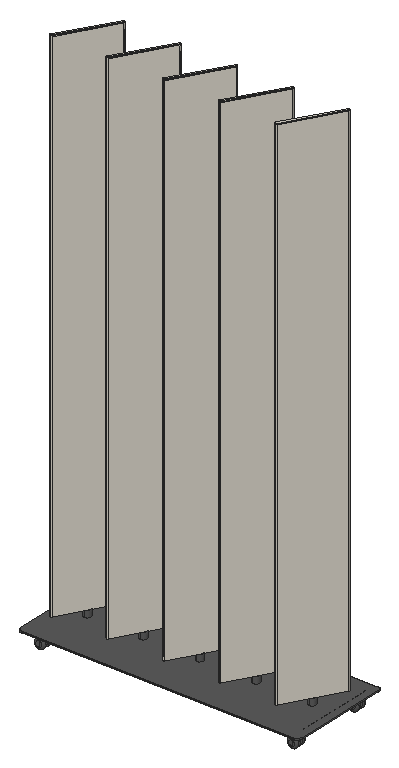
Revit family "Haworth_BuzziBlinds_ClassicScreen_StraightBase", category Furniture, Revit 2018
Family settings
  OmniClass Number = 23.40.20.00
  OmniClass Title = General Furniture and Specialties
  Work Plane-Based = No
  Always vertical = Yes
  Cut with Voids When Loaded = No
  Shared = No
  Room Calculation Point = No
Parameters (values of type "HCBZ-BDC3-RC - Large Screen - With Casters")
  Upholstery Finish [instance] = Haworth _ Fabric _ Buzzifelt _ Offwhite BFE-63
  Warranty = "http://www.haworth.com/resources/product-info/warranties"
  URL - Product = "https://www.haworth.com/products/architectural-interiors/acoustic-solutions/buzziblinds"
  URL = "http://www.haworth.com/our-brands/haworth-collection"
  Small = not(or(Medium, Large))  # no
  Size = "Verify Final Dim. w/ Haworth"  # constant formula
  Screen Spacing = 7.874"  # constant formula
  Revision = "1"  # constant formula
  Model = "HCBZ-BD"  # constant formula
  Medium = no
  Manufacturer = "Haworth"  # constant formula
  Large = yes
  Description = "Haworth BuzziBlinds - Large Classic Screen - With Casters"
  Casters = yes
  Base Finish [instance] = Haworth _ Paint _ Collection Black
  Author = "Haworth (Alias)"  # constant formula
  Assembly Code = "E2020200"
  Actual Width = 39.370"  # constant formula
  Actual Height = if(Small, 45.280", if(Medium, 59.060", 72.830"))  # 72.830"
  Actual Depth = 14.750"  # constant formula
Types (7): name | Small | Medium | Large | Description | Casters | Actual Height
  (no name) | no | no | yes | "Haworth BuzziBlinds - Large Classic Screen - With Casters" | yes | 72.830"
  HCBZ-BDC1-R - Small Screen - Without Casters | yes | no | no | "Haworth BuzziBlinds - Small Classic Screen - Without Casters" | no | 45.280"
  HCBZ-BDC1-RC - Small Screen - With Casters | yes | no | no | "Haworth BuzziBlinds - Small Classic Screen - With Casters" | yes | 45.280"
  HCBZ-BDC2-RC - Medium Screen - With Casters | no | yes | no | "Haworth BuzziBlinds - Medium Classic Screen - With Casters" | yes | 59.060"
  HCBZ-BDC2-R - Medium Screen - Without Casters | no | yes | no | "Haworth BuzziBlinds - Medium Classic Screen - Without Casters" | no | 59.060"
  HCBZ-BDC3-RC - Large Screen - With Casters | no | no | yes | "Haworth BuzziBlinds - Large Classic Screen - With Casters" | yes | 72.830"
  HCBZ-BDC3-R - Large Screen - Without Casters | no | no | yes | "Haworth BuzziBlinds - Large Classic Screen - Without Casters" | no | 72.830"
Reference planes (in)
  plane 1: z = 0
  plane 2 "Center Left/Right": x = 0
  plane 3 "Left": x = -19.685
  plane 4 "Right": x = 19.685
  plane 5 "Back": y = 4.53748
  plane 6 "Front": y = -10.21252
  plane 7 "Center F/B": y = -2.83752
  plane 8: x = 7.874
  plane 9: x = 15.748
  plane 10: x = -7.874
  plane 11: x = -15.748
Dimensions and locks (in)
  equal spacing: plane 3 "Left", plane 2 "Center Left/Right", plane 4 "Right"
  "Actual Width": plane 3 "Left" to plane 4 "Right"
  "Actual Depth": plane 6 "Front" to plane 5 "Back"
  equal spacing: plane 5 "Back", plane 7 "Center F/B", plane 6 "Front"
  "Screen Spacing": plane 11 to plane 10
  "Screen Spacing": plane 10 to plane 2 "Center Left/Right"
  "Screen Spacing": plane 2 "Center Left/Right" to plane 8
  "Screen Spacing": plane 8 to plane 9
  aligned and locked: plane 1 to nested 1
  aligned and locked: plane 7 "Center F/B" to nested 1
  aligned and locked: plane 2 "Center Left/Right" to nested 1
  aligned and locked: nested 2 to nested 1
  aligned and locked: plane 7 "Center F/B" to nested 2
  aligned and locked: plane 7 "Center F/B" to nested 4
  aligned and locked: plane 7 "Center F/B" to nested 3
  aligned and locked: plane 7 "Center F/B" to nested 5
  aligned and locked: plane 7 "Center F/B" to nested 6
  aligned and locked: nested 4 to plane 11
  aligned and locked: nested 2 to plane 10
  aligned and locked: plane 8 to nested 5
  aligned and locked: plane 9 to nested 6
  aligned and locked: nested 1 to nested 3
  aligned and locked: plane 2 "Center Left/Right" to nested 3
  aligned and locked: nested 4 to nested 1
  aligned and locked: nested 3 to nested 1
  aligned and locked: nested 5 to nested 1
  aligned and locked: nested 6 to nested 1
Nested families (in)
  nested 1: "Haworth_BuzziBlinds_StraightBase_PART" at (0, 0, 0), type "Straight Base"
    with Actual Width 39.370", Actual Depth 14.750"
  nested 2: "Haworth_BuzziBlinds_ClassicScreen_Part" at (-7.874, 0, 0), type "Screen"
  nested 3: "Haworth_BuzziBlinds_ClassicScreen_Part" at (0, 0, 0), type "Screen"
  nested 4: "Haworth_BuzziBlinds_ClassicScreen_Part" at (-15.748, 0, 0), type "Screen"
  nested 5: "Haworth_BuzziBlinds_ClassicScreen_Part" at (7.874, 0, 0), type "Screen"
  nested 6: "Haworth_BuzziBlinds_ClassicScreen_Part" at (15.748, 0, 0), type "Screen"
Definition of nested family "Haworth_BuzziBlinds_StraightBase_PART"
  Parameters (values of type "Straight Base")
    Warranty = "http://www.haworth.com/resources/product-info/warranties"
    URL - Product = "https://www.haworth.com/products/architectural-interiors/acoustic-solutions/buzziblinds"
    URL = "http://www.haworth.com/our-brands/haworth-collection"
    Size = "Verify Final Dim. w/ Haworth"  # constant formula
    Revision = "1"  # constant formula
    Model = "HCBZ-BD"  # constant formula
    Manufacturer = "Haworth"  # constant formula
    Description = "Haworth - BuzziBlinds - Base Part"
    Casters = yes
    Caster Finish = none
    Base Offset = if(Casters, 1.430", 0.000")  # 1.430"
    Base Finish = none
    Author = "Haworth (Alias)"  # constant formula
    Assembly Code = "E2020200"
    Arc Radius = 0.750"  # constant formula
    Actual Width = 58.660"
    Actual Depth = 19.290"
  Reference planes (in)
    plane 1: z = 0
    plane 2 "Center Left/Right": x = 0
    plane 3 "Left": x = -29.33
    plane 4 "Right": x = 29.33
    plane 5 "Back": y = 6.80748
    plane 6 "Front": y = -12.48252
    plane 7 "Center FB": y = -2.83752
    plane 8: x = 28.1425
    plane 9: x = -28.1425
    plane 10: z = 1.43
    plane 11 "Middle Base": z = 2.244
    plane 12 "Top Base": z = 2.36211
    plane 13 "Caster Front": y = -10.38976
    plane 14 "Caster Back": y = 4.71473
    plane 15 "Caster Right": x = -27.36243
    plane 16 "Caster Left": x = 27.36243
  Forms (in)
    Extrusion 1, solid, material <- "Base Finish"
      sketch origin (0, 0, 0) x (1, 0, 0) y (0, 1, 0)
        loop
          arc (-28.58, 6.80748) -> (-29.11033, 6.58781) -> (-29.33, 6.05748) r 0.75
          line (-29.33, 6.05748) -> (-29.33, -11.73252)
          arc (-29.33, -11.73252) -> (-29.11033, -12.26285) -> (-28.58, -12.48252) r 0.75
          line (-28.58, -12.48252) -> (28.58, -12.48252)
          arc (28.58, -12.48252) -> (29.11033, -12.26285) -> (29.33, -11.73252) r 0.75
          line (29.33, -11.73252) -> (29.33, 6.05748)
          arc (29.33, 6.05748) -> (29.11033, 6.58781) -> (28.58, 6.80748) r 0.75
          line (28.58, 6.80748) -> (-28.58, 6.80748)
      from 2.244 to 2.36211
    Extrusion 2, solid, material <- "Base Finish"
      sketch origin (0, 0, 8.6974) x (0, -1, 0) y (1, 0, 0)
        loop
          line (-5.62705, 27.3925) -> (-5.62705, -27.3925)
          arc (-5.62705, -27.3925) -> (-5.40738, -27.92283) -> (-4.87705, -28.1425) r 0.75
          line (-4.87705, -28.1425) -> (10.55208, -28.1425)
          arc (10.55208, -28.1425) -> (11.08241, -27.92283) -> (11.30208, -27.3925) r 0.75
          line (11.30208, -27.3925) -> (11.30208, 27.3925)
          arc (11.30208, 27.3925) -> (11.08241, 27.92283) -> (10.55208, 28.1425) r 0.75
          line (10.55208, 28.1425) -> (-4.87705, 28.1425)
          arc (-4.87705, 28.1425) -> (-5.40738, 27.92283) -> (-5.62705, 27.3925) r 0.75
      from -7.2674 to -6.4534
  Lines and regions (in)
    Masking region 1
      outline origin (0, 0, 8.6974) x (0, -1, 0) y (1, 0, 0)
        loop
          arc (-6.80748, -28.58) -> (-6.58781, -29.11033) -> (-6.05748, -29.33) r 0.75
          line (-6.05748, -29.33) -> (11.73252, -29.33)
          arc (11.73252, -29.33) -> (12.26285, -29.11033) -> (12.48252, -28.58) r 0.75
          line (12.48252, -28.58) -> (12.48252, 28.58)
          arc (12.48252, 28.58) -> (12.26285, 29.11033) -> (11.73252, 29.33) r 0.75
          line (11.73252, 29.33) -> (-6.05748, 29.33)
          arc (-6.05748, 29.33) -> (-6.58781, 29.11033) -> (-6.80748, 28.58) r 0.75
          line (-6.80748, 28.58) -> (-6.80748, -28.58)
  Dimensions and locks (in)
    equal spacing: plane 3 "Left", plane 2 "Center Left/Right", plane 4 "Right"
    "Actual Width": plane 3 "Left" to plane 4 "Right"
    "Actual Depth": plane 6 "Front" to plane 5 "Back"
    equal spacing: plane 5 "Back", plane 7 "Center FB", plane 6 "Front"
    locked: plane 9 to plane 3 "Left" at 1.1875
    locked: plane 8 to plane 4 "Right" at 1.1875
    locked: plane 5 "Back" to Extrusion 2 sketch curve at 1.18043
    locked: plane 6 "Front" to Extrusion 2 sketch curve at 1.18043
    locked: plane 3 "Left" to plane 15 "Caster Right" at 1.96757
    locked: plane 16 "Caster Left" to plane 4 "Right" at 1.96757
    locked: plane 14 "Caster Back" to plane 5 "Back" at 2.09276
    locked: plane 13 "Caster Front" to plane 6 "Front" at 2.09276
    locked: plane 12 "Top Base" to plane 11 "Middle Base" at 0.11811
    locked: plane 11 "Middle Base" to plane 10 at 0.814
    "Base Offset": plane 10 to plane 1
    "Arc Radius": radius of Extrusion 1 sketch curve  (x4)
    "Arc Radius": radius of Extrusion 2 sketch curve  (x4)
    aligned and locked: Extrusion 1 sketch curve to plane 5 "Back"
    aligned and locked: Extrusion 1 sketch curve to plane 6 "Front"
    aligned and locked: plane 4 "Right" to Extrusion 1 sketch curve
    aligned and locked: plane 3 "Left" to Extrusion 1 sketch curve
    aligned and locked: plane 12 "Top Base" to Extrusion 1
    aligned and locked: Extrusion 1 to plane 11 "Middle Base"
    aligned and locked: Extrusion 2 sketch curve to plane 9
    aligned and locked: Extrusion 2 sketch curve to plane 8
    aligned and locked: Extrusion 2 to plane 10
    aligned and locked: plane 11 "Middle Base" to Extrusion 2
    aligned and locked: nested 1 to plane 13 "Caster Front"
    aligned and locked: plane 15 "Caster Right" to nested 1
    aligned and locked: plane 14 "Caster Back" to nested 2
    aligned and locked: plane 15 "Caster Right" to nested 2
    aligned and locked: plane 14 "Caster Back" to nested 3
    aligned and locked: nested 3 to plane 16 "Caster Left"
    aligned and locked: nested 4 to plane 13 "Caster Front"
    aligned and locked: nested 4 to plane 16 "Caster Left"
    aligned and locked: plane 1 to nested 1
    aligned and locked: plane 1 to nested 2
    aligned and locked: plane 1 to nested 4
    aligned and locked: plane 1 to nested 3
    aligned and locked: Masking region 1 sketch curve to plane 6 "Front"
    aligned and locked: Masking region 1 sketch curve to plane 5 "Back"
    aligned and locked: plane 3 "Left" to Masking region 1 sketch curve
    aligned and locked: plane 4 "Right" to Masking region 1 sketch curve
  Automatic sketch dimensions
    Masking region 1 sketch curve to plane 8 = 0.4375"
    Masking region 1 sketch curve to plane 5 "Back" = 0.750"
    Masking region 1 sketch curve to plane 6 "Front" = 0.750"  (x2)
  Nested families (in)
    nested 1: "Haworth_BuzziBlinds_Casters_PART" at (-27.36243, -10.38976, 0), visible <- "Casters", type "Casters"
    nested 2: "Haworth_BuzziBlinds_Casters_PART" at (-27.36243, 4.71473, 0), visible <- "Casters", type "Casters"
    nested 3: "Haworth_BuzziBlinds_Casters_PART" at (27.36243, 4.71473, 0), visible <- "Casters", type "Casters"
    nested 4: "Haworth_BuzziBlinds_Casters_PART" at (27.36243, -10.38976, 0), visible <- "Casters", type "Casters"
  Definition of nested family "Haworth_BuzziBlinds_Casters_PART"
    Parameters (values of type "Casters")
      Warranty = "http://www.haworth.com/product-info/warranties"
      Version = "1"  # constant formula
      URL - Product = "https://www.haworth.com/products/architectural-interiors/acoustic-solutions/buzziblinds"
      URL = "http://www.haworth.com/our-brands/haworth-collection"
      Size = "Verify Final Dim. w/ Haworth"  # constant formula
      Model = "HCBZ-BD"  # constant formula
      Manufacturer = "Haworth"  # constant formula
      Description = "Haworth BuzziBlinds - Casters Part"
      Caster Finish = none
      Author = "Haworth (Alias)"  # constant formula
      Assembly Code = "E2020200"
    Reference planes (in)
      plane 1 "Center Front/Back": y = 0
      plane 2 "Bottom": z = 0
      plane 3 "Center Left/Right": x = 0
      plane 4: z = 1.77165
    Forms (in)
      Revolve 1, solid, material <- "Caster Finish"
        sketch origin (0, 0, 0) x (0, 1, 0) y (0, 0, 1)
          loop
            line (-0.74803, 0.70866) -> (0.74803, 0.70866) -> (0.74803, 1.16732)
            arc (0.74803, 1.16732) -> (0.67481, 1.3441) -> (0.49803, 1.41732) r 0.25
            line (0.49803, 1.41732) -> (0.27559, 1.41732) -> (0.27559, 0.98425) -> (-0.27559, 0.98425) -> (-0.27559, 1.41732) -> (-0.49803, 1.41732)
            arc (-0.49803, 1.41732) -> (-0.67481, 1.3441) -> (-0.74803, 1.16732) r 0.25
            line (-0.74803, 1.16732) -> (-0.74803, 0.70866)
          axis (-0.74803, 0.70866) -> (0.74803, 0.70866)
        angle from 0 to 360
      Revolve 2, solid, material <- "Caster Finish"
        sketch origin (0, 0, 0) x (0, 1, 0) y (0, 0, 1)
          loop
            line (0, 1.77165) -> (0, 0.82558) -> (0.10753, 0.82558) -> (0.10753, 1.77165) -> (0, 1.77165)
          axis (0, 1.77165) -> (0, 0.82558)
        angle from 0 to 360
    Lines and regions (in)
      Masking region 1
        outline origin (0, 0, 0) x (1, 0, 0) y (0, 1, 0)
          loop
            line (-0.27559, -0.27559) -> (-0.70866, -0.27559) -> (-0.70866, -0.49803)
            arc (-0.70866, -0.49803) -> (-0.63544, -0.67481) -> (-0.45866, -0.74803) r 0.25
            line (-0.45866, -0.74803) -> (0.45866, -0.74803)
            arc (0.45866, -0.74803) -> (0.63544, -0.67481) -> (0.70866, -0.49803) r 0.25
            line (0.70866, -0.49803) -> (0.70866, -0.27559) -> (0.27559, -0.27559) -> (0.27559, 0.27559) -> (0.70866, 0.27559) -> (0.70866, 0.49803)
            arc (0.70866, 0.49803) -> (0.63544, 0.67481) -> (0.45866, 0.74803) r 0.25
            line (0.45866, 0.74803) -> (-0.45866, 0.74803)
            arc (-0.45866, 0.74803) -> (-0.63544, 0.67481) -> (-0.70866, 0.49803) r 0.25
            line (-0.70866, 0.49803) -> (-0.70866, 0.27559) -> (-0.27559, 0.27559) -> (-0.27559, -0.27559)
    Dimensions and locks (in)
      locked: plane 4 to plane 2 "Bottom" at 1.77165
      aligned and locked: level to plane 2 "Bottom"
Definition of nested family "Haworth_BuzziBlinds_ClassicScreen_Part"
  Parameters (values of type "Screen")
    Upholstery Finish = none
    Warranty = "http://www.haworth.com/resources/product-info/warranties"
    URL - Product = "https://www.haworth.com/products/architectural-interiors/acoustic-solutions/buzziblinds"
    URL = "http://www.haworth.com/our-brands/haworth-collection"
    Size = "Verify Final Dim. w/ Haworth"  # constant formula
    Revision = "1"  # constant formula
    Model = "HCBZ-BD"  # constant formula
    Manufacturer = "Haworth"  # constant formula
    Description = "Haworth - BuzziBlinds - Screen Part"
    Base Finish = none
    Author = "Haworth (Alias)"  # constant formula
    Assembly Code = "E2020200"
    Actual Height = 72.830"
  Reference planes (in)
    plane 1: z = 0
    plane 2 "Center Left/Right": x = 0
    plane 3 "Center FB": y = -2.83752
    plane 4 "Screen Bottom": z = 2.36211
    plane 5 "Screen Top": z = 76.0085
    plane 6: z = 3.1785
    plane 7 "Middle Screen": through (2.09732, 0.79466, 48) normal (0.866, -0.5, 0)
  Forms (in)
    Revolve 1, solid, material <- "Base Finish"
      sketch origin (0, 0, 0) x (0, 1, 0) y (0, 0, 1)
        loop
          line (-2.83752, 3.1785) -> (-2.83752, 2.36211) -> (-2.34547, 2.36211) -> (-2.34547, 3.1785) -> (-2.83752, 3.1785)
        axis (-2.83752, 3.1785) -> (-2.83752, 2.36211)
      angle from 0 to 360
    Blend 2, solid, material <- "Upholstery Finish"
      base sketch origin (0, 0, 0) x (1, 0, 0) y (0, 1, 0)
        loop
          arc (2.33848, 0.66119) -> (2.28804, 0.84942) -> (2.09981, 0.79899) r 0.13779
          line (2.09981, 0.79899) -> (-2.09932, -6.47412)
          arc (-2.09932, -6.47412) -> (-2.04888, -6.66235) -> (-1.86065, -6.61191) r 0.13779
          line (-1.86065, -6.61191) -> (2.33848, 0.66119)
      top sketch origin (0, 0, 0) x (1, 0, 0) y (0, 1, 0)
        loop
          arc (2.33848, 0.66119) -> (2.28804, 0.84942) -> (2.09981, 0.79899) r 0.13779
          line (2.09981, 0.79899) -> (-2.09932, -6.47412)
          arc (-2.09932, -6.47412) -> (-2.04888, -6.66235) -> (-1.86065, -6.61191) r 0.13779
          line (-1.86065, -6.61191) -> (2.33848, 0.66119)
      from 3.1785 to 76.0085
    Blend 3, solid, material <- "Upholstery Finish"
      base sketch origin (2.45778, -1.419, 0) x (-0.5, 0.866025, 0) y (-0.866025, -0.5, 0)
        loop
          line (2.33848, -0.66119) -> (-1.86065, 6.61191)
          arc (-1.86065, 6.61191) -> (-2.04888, 6.66235) -> (-2.09932, 6.47412) r 0.13779
          line (-2.09932, 6.47412) -> (2.09981, -0.79899)
          arc (2.09981, -0.79899) -> (2.28804, -0.84942) -> (2.33848, -0.66119) r 0.13779
      top sketch origin (2.45778, -1.419, 0) x (-0.5, 0.866025, 0) y (-0.866025, -0.5, 0)
        loop
          line (2.33848, -0.66119) -> (-1.86065, 6.61191)
          arc (-1.86065, 6.61191) -> (-2.04888, 6.66235) -> (-2.09932, 6.47412) r 0.13779
          line (-2.09932, 6.47412) -> (2.09981, -0.79899)
          arc (2.09981, -0.79899) -> (2.28804, -0.84942) -> (2.33848, -0.66119) r 0.13779
      from 3.1785 to 76.0085
  Lines and regions (in)
    Masking region 1
      outline origin (0, 0, 8.6974) x (0, -1, 0) y (1, 0, 0)
        loop
          arc (-0.66119, 2.33848) -> (-0.84942, 2.28804) -> (-0.79899, 2.09981) r 0.13779
          arc (-0.79899, 2.09981) -> (-0.98721, 2.04938) -> (-0.93678, 1.86115) r 0.13779
          line (-0.93678, 1.86115) -> (6.33633, -2.33798)
          arc (6.33633, -2.33798) -> (6.52456, -2.28755) -> (6.47412, -2.09932) r 0.13779
          arc (6.47412, -2.09932) -> (6.66235, -2.04888) -> (6.61191, -1.86065) r 0.13779
          line (6.61191, -1.86065) -> (-0.66119, 2.33848)
  Dimensions and locks (in)
    locked: plane 6 to plane 4 "Screen Bottom" at 0.81639
    "Actual Height": plane 5 "Screen Top" to plane 6
    aligned and locked: Blend 2 to plane 6
    aligned and locked: plane 5 "Screen Top" to Blend 2
    aligned and locked: plane 5 "Screen Top" to Blend 3
  Automatic sketch dimensions
    Revolve 1 sketch curve to plane 3 "Center FB" = 0.000"  (x2)
    Revolve 1 sketch curve to plane 6 = 0.000"
    plane 4 "Screen Bottom" to Revolve 1 sketch curve = 0.000"
    Revolve 1 sketch curve to plane 3 "Center FB" = 0.49205"
    plane 4 "Screen Bottom" to Revolve 1 sketch curve = 0.93211"
    plane 6 to Revolve 1 sketch curve = 0.29688"
    plane 7 "Middle Screen" to Blend 2 sketch curve = 0.000"  (x4)
    Blend 2 sketch curve to plane 2 "Center Left/Right" = 2.09932"  (x2)
    Blend 2 sketch curve to Blend 2 sketch curve = 0.11933"  (x8)
    plane 2 "Center Left/Right" to Blend 2 sketch curve = 2.09981"  (x2)
    Blend 2 sketch curve to Blend 2 sketch curve = 0.0689"  (x2)
    Blend 2 sketch curve to Blend 2 sketch curve = 0.13779"  (x2)
    plane 7 "Middle Screen" to Blend 3 sketch curve = 0.000"  (x4)
    plane 2 "Center Left/Right" to Blend 3 sketch curve = 2.09932"  (x2)
    Blend 3 sketch curve to Blend 3 sketch curve = 0.11933"  (x8)
    Blend 3 sketch curve to Blend 3 sketch curve = 4.19913"  (x2)
    Blend 3 sketch curve to Blend 3 sketch curve = 0.0689"  (x2)
    Blend 3 sketch curve to Blend 3 sketch curve = 0.13779"  (x2)
    plane 7 "Middle Screen" to Masking region 1 sketch curve = 0.000"  (x4)
    plane 2 "Center Left/Right" to Masking region 1 sketch curve = 1.86115"
    Masking region 1 sketch curve to plane 3 "Center FB" = 3.77429"
    Masking region 1 sketch curve to Masking region 1 sketch curve = 0.0689"  (x6)
    Masking region 1 sketch curve to Masking region 1 sketch curve = 0.13779"  (x2)
    plane 2 "Center Left/Right" to Masking region 1 sketch curve = 2.33848"
    plane 3 "Center FB" to Masking region 1 sketch curve = 3.49881"
    Masking region 1 sketch curve to plane 2 "Center Left/Right" = 1.86065"
    Masking region 1 sketch curve to Masking region 1 sketch curve = 0.23866"
    Masking region 1 sketch curve to Masking region 1 sketch curve = 0.000"  (x2)
